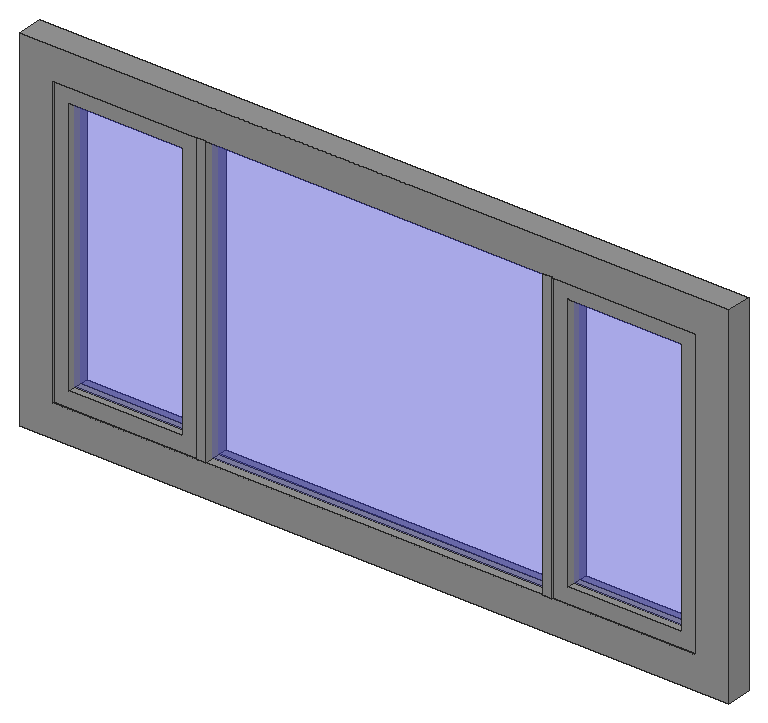
Revit family "Family54", category Windows, host Wall, Revit 2018
Family settings
  Host = Wall
  OmniClass Number = 23.30.20.00
  OmniClass Title = Windows
  Always vertical = Yes
  Cut with Voids When Loaded = No
  Shared = No
  Room Calculation Point = No
Parameters
  Window Thickness = 84 mm
  Window Frame = White
  Visual Light Transmittance = 0.81
  URL = "www.skywardwindows.co.za"
  Thermal Resistance (R) = 0.3196 (m²·K)/W
  Telephone = "021 276 1800"
  Solar Heat Gain Coefficient = 0.76
  Manufacturer = "Skyward Windows"
  Height = 1190 mm
  Heat Transfer Coefficient (U) = 3.1292 W/(m²·K)
  Glass Thickness = 4 mm
  Glass = Glass
  Email Address = "info@skywardwindows.co.za"
  Default Sill Height = 800 mm
  Wall Closure = By host
  Width = 2390 mm
  Company Address = "Charles Matthews Street Atlantis 7349"
  Analytic Construction = "Double glazing - domestic"
Reference planes
  plane 1 "Center (Front/Back)": y = 0
  plane 2 "Center (Left/Right)": x = 0
  plane 3 "Left": x = -1195
  plane 4 "Right": x = 1195
  plane 5 "Sill": z = 800
  plane 6 "Head": z = 1990
  plane 7 "Exterior": y = 100
  plane 8 "Interior": y = -100
Forms (mm)
  Extrusion 1, solid, material "White" <- "Window Frame"
    sketch origin (0, -100, 0) x (1, 0, 0) y (0, 0, 1)
      loop
        line (-1195, 1990) -> (-1195, 800) -> (1195, 800) -> (1195, 1990) -> (-1195, 1990)
      loop
        line (-1086, 909) -> (1086, 909) -> (1086, 1881) -> (-1086, 1881) -> (-1086, 909)
    from -142 to -58
  Extrusion 2, solid, material "White" <- "Window Frame"
    sketch origin (0, -100, 0) x (1, 0, 0) y (0, 0, 1)
      loop
        line (-1086, 1881) -> (-1086, 909) -> (-600, 909) -> (-600, 1881) -> (-1086, 1881)
      loop
        line (1086, 1881) -> (600, 1881) -> (600, 909) -> (1086, 909) -> (1086, 1881)
      loop
        line (-1036, 959) -> (-650, 959) -> (-650, 1831) -> (-1036, 1831) -> (-1036, 959)
      loop
        line (650, 1831) -> (650, 959) -> (1036, 959) -> (1036, 1831) -> (650, 1831)
    from -138 to -62
  Extrusion 3, solid, material "White" <- "Window Frame"
    sketch origin (0, -100, 0) x (1, 0, 0) y (0, 0, 1)
      loop
        line (-600, 1881) -> (-600, 909) -> (-570, 909) -> (-570, 1881) -> (-600, 1881)
      loop
        line (600, 1881) -> (570, 1881) -> (570, 909) -> (600, 909) -> (600, 1881)
    from -142 to -58
  Extrusion 4, solid, material "Glass" <- "Glass"
    sketch origin (0, 0, 0) x (1, 0, 0) y (0, 1, 0)
      loop
        line (-1036, 14) -> (-1036, 10) -> (-650, 10) -> (-650, 14) -> (-1036, 14)
      loop
        line (-1036, -10) -> (-1036, -14) -> (-650, -14) -> (-650, -10) -> (-1036, -10)
      loop
        line (650, 14) -> (650, 10) -> (1036, 10) -> (1036, 14) -> (650, 14)
      loop
        line (1036, -10) -> (650, -10) -> (650, -14) -> (1036, -14) -> (1036, -10)
    from 959 to 1831
  Extrusion 5, solid, material "Glass" <- "Glass"
    sketch origin (0, 0, 0) x (1, 0, 0) y (0, 1, 0)
      loop
        line (-570, 14) -> (-570, 10) -> (570, 10) -> (570, 14) -> (-570, 14)
      loop
        line (570, -10) -> (-570, -10) -> (-570, -14) -> (570, -14) -> (570, -10)
    from 909 to 1881
Lines and regions (mm)
  Opening 1
    outline origin (3500, -100, 0) x (1, 0, 0) y (0, 0, 1)
      loop
        line (-2305, 800) -> (-2305, 1990) -> (-4695, 1990) -> (-4695, 800) -> (-2305, 800)
Text (mm)
  text "EXTERIOR" at (-1963.203, 1332.353, 0), in view "Ref. Level"
  text "INTERIOR" at (-1981.466, -818.386, 0), in view "Ref. Level"
  text "Exterior" at (0, 923.751, 2943.296), in view "Right"
  text "Exterior" at (0, 1040.484, 2685.409), in view "Left"
Dimensions and locks
  equal spacing: plane 3 "Left", plane 2 "Center (Left/Right)", plane 4 "Right"
  "Width": plane 3 "Left" to plane 4 "Right"
  "Height": plane 5 "Sill" to plane 6 "Head"
  "Default Sill Height": plane 5 "Sill" to level
  locked: plane 7 "Exterior" to host wall at 0
  locked: plane 8 "Interior" to host wall
  "Window Thickness": Extrusion 1 to Extrusion 1
  "Glass Thickness": Extrusion 5 to Extrusion 5
  "Glass Thickness": Extrusion 4 to Extrusion 4
  aligned and locked: Extrusion 1 sketch curve to host wall  (x4)
  aligned and locked: Extrusion 5 to Extrusion 1
Automatic sketch dimensions
  Opening 1 sketch curve to plane 3 "Left" = 0 mm
  Opening 1 sketch curve to plane 4 "Right" = 0 mm
  Opening 1 sketch curve to plane 5 "Sill" = 0 mm
  Opening 1 sketch curve to plane 6 "Head" = 0 mm
  Extrusion 1 sketch curve to plane 3 "Left" = 109 mm
  plane 4 "Right" to Extrusion 1 sketch curve = 109 mm
  Extrusion 1 sketch curve to plane 5 "Sill" = 109 mm
  plane 6 "Head" to Extrusion 1 sketch curve = 109 mm
  Extrusion 2 sketch curve to plane 3 "Left" = 109 mm
  Extrusion 2 sketch curve to Extrusion 2 sketch curve = 50 mm  (x8)
  plane 6 "Head" to Extrusion 2 sketch curve = 159 mm
  plane 2 "Center (Left/Right)" to Extrusion 2 sketch curve = 650 mm
  plane 6 "Head" to Extrusion 2 sketch curve = 109 mm
  Extrusion 2 sketch curve to plane 2 "Center (Left/Right)" = 600 mm
  plane 4 "Right" to Extrusion 2 sketch curve = 159 mm
  Extrusion 2 sketch curve to plane 5 "Sill" = 159 mm  (x2)
  Extrusion 3 sketch curve to plane 5 "Sill" = 109 mm  (x2)
  plane 2 "Center (Left/Right)" to Extrusion 3 sketch curve = 600 mm
  Extrusion 3 sketch curve to Extrusion 3 sketch curve = 30 mm  (x2)
  Extrusion 3 sketch curve to plane 2 "Center (Left/Right)" = 570 mm
  plane 6 "Head" to Extrusion 3 sketch curve = 109 mm  (x2)
  Extrusion 4 sketch curve to host wall = 14 mm  (x2)
  Extrusion 4 sketch curve to plane 3 "Left" = 159 mm
  Extrusion 4 sketch curve to Extrusion 4 sketch curve = 0 mm  (x4)
  host wall to Extrusion 4 sketch curve = 10 mm  (x2)
  plane 2 "Center (Left/Right)" to Extrusion 4 sketch curve = 650 mm
  Extrusion 4 sketch curve to plane 2 "Center (Left/Right)" = 650 mm
  plane 4 "Right" to Extrusion 4 sketch curve = 159 mm
  Extrusion 4 sketch curve to Extrusion 4 sketch curve = 4 mm  (x4)
  Extrusion 5 sketch curve to host wall = 14 mm
  plane 2 "Center (Left/Right)" to Extrusion 5 sketch curve = 570 mm
  host wall to Extrusion 5 sketch curve = 10 mm
  Extrusion 5 sketch curve to Extrusion 5 sketch curve = 0 mm  (x2)
  Extrusion 5 sketch curve to plane 2 "Center (Left/Right)" = 570 mm
  Extrusion 5 sketch curve to Extrusion 5 sketch curve = 4 mm  (x2)
